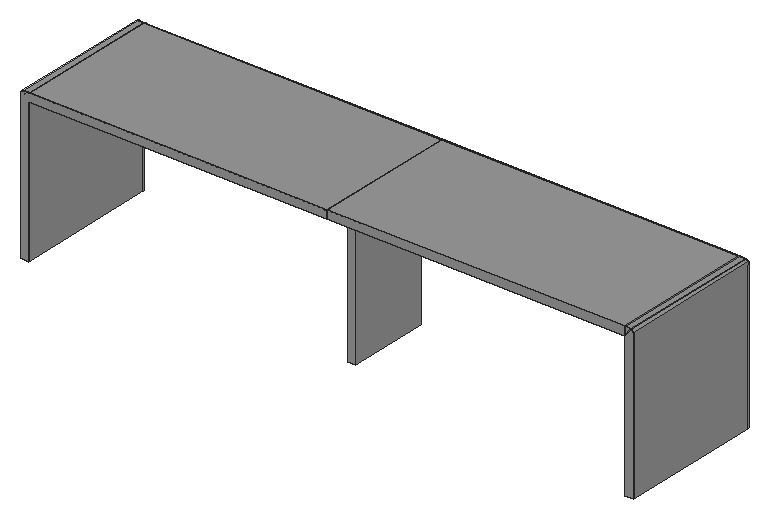
Revit family "Flag Range", category Furniture, Revit 2018
Family settings
  OmniClass Number = 23.40.20.00
  OmniClass Title = General Furniture and Specialties
  Work Plane-Based = No
  Always vertical = Yes
  Cut with Voids When Loaded = No
  Shared = No
  Room Calculation Point = No
Parameters (values of type "Dining Table (3000X700X740)")
  Surface Material = Laminate (Sapphire Blue)
  Furniture Type = Flag Range Family : DiningTable 3000X700X740
  Frame Material [instance] = Laminate (White)
  Edge Material = Oak Veneered
Types (20, lengths in mm): name | Furniture Type
  (no name) | Flag Range Family : DiningTable 3000X700X740
  Dining Table (1500X700X740) | Flag Range Family : DiningTable 1500X700X740
  Dining Table (1800X700X740) | Flag Range Family : DiningTable 1800X700X740
  Dining Table (2000X700X740) | Flag Range Family : DiningTable 2000X700X740
  Dining Table (2400X700X740) | Flag Range Family : DiningTable 2400X700X740
  Dining Table (2700X700X740) | Flag Range Family : DiningTable 2700X700X740
  Dining Table (3000X700X740) | Flag Range Family : DiningTable 3000X700X740
  Dining Bench (1300X390X440X440) | Flag Range Family : DiningBench 1300X390X440
  Dining Bench (1600X390X440X440) | Flag Range Family : DiningBench 1600X390X440
  Dining Bench (1800X390X440X440) | Flag Range Family : DiningBench 1800X390X440
  Dining Bench (2200X390X440X440) | Flag Range Family : DiningBench 2200X390X440
  Dining Bench (2500X390X440X440) | Flag Range Family : DiningBench 2500X390X440
  Dining Bench (2800X390X440X440) | Flag Range Family : DiningBench 2800X390X440
  Bar Table (1500X700X1500) | Flag Range Family : BarTable 1500X700X1500
  Bar Table (1800X700X1500) | Flag Range Family : BarTable 1800X700X1500
  Bar Table (2000X700X1500) | Flag Range Family : BarTable 2000X700X1500
  Bar Table (2400X700X1500) | Flag Range Family : BarTable 2400X700X1500
  Bar Table (2700X700X1500) | Flag Range Family : BarTable 2700X700X1500
  Bar Table (3000X700X1500) | Flag Range Family : BarTable 3000X700X1500
  Bar Bench (950X390X780X780) | Flag Range Family : BarBench 950X390X780
Reference planes
  plane 1 "Center (Front/Back)": y = 0
  plane 2: z = 0
  plane 3 "Center (Left/Right)": x = 0
Dimensions and locks
  aligned and locked: level to plane 2
Nested families
  nested 1: "Flag Range Family" at (0, 0, 0), type <- "Furniture Type", Edge Material <- "Edge Material", Frame Material <- "Frame Material", Surface Material <- "Surface Material", type "DiningTable 3000X700X740"
    with Surface Material Laminate (Sapphire Blue), Frame Material Laminate (White), Edge Material Oak Veneered
Definition of nested family "Flag Range Family"
  Parameters (values of type "DiningTable 3000X700X740")
    Surface Material [instance] = none
    Frame Material [instance] = none
    Edge Material [instance] = none
    CentreBrace = yes
    BraceHeight = 700 mm
    BaseType = Base : DiningTable 3000X700X740
  Types (20, lengths in mm): name | CentreBrace | BraceHeight | BaseType
    (no name) | yes | 700 | Base : DiningTable 3000X700X740
    DiningTable 1500X700X740 | no | 1460 | Base : DiningTable 1500X700X740
    DiningTable 1800X700X740 | no | 1460 | Base : DiningTable 1800X700X740
    DiningTable 2000X700X740 | no | 1460 | Base : DiningTable 2000X700X740
    DiningTable 2400X700X740 | no | 1460 | Base : DiningTable 2400X700X740
    DiningTable 2700X700X740 | no | 1460 | Base : DiningTable 2700X700X740
    DiningTable 3000X700X740 | yes | 700 | Base : DiningTable 3000X700X740
    DiningBench 1300X390X440 | no | 1460 | Base : DiningBench 1300X390X440
    DiningBench 1600X390X440 | no | 1460 | Base : DiningBench 1600X390X440
    DiningBench 1800X390X440 | no | 1460 | Base : DiningBench 1800X390X440
    DiningBench 2200X390X440 | no | 1460 | Base : DiningBench 2200X390X440
    DiningBench 2500X390X440 | no | 1460 | Base : DiningBench 2500X390X440
    DiningBench 2800X390X440 | no | 1460 | Base : DiningBench 2800X390X440
    BarTable 1500X700X1500 | no | 1460 | Base : BarTable 1500X700X1500
    BarTable 1800X700X1500 | no | 1460 | Base : BarTable 1800X700X1500
    BarTable 2000X700X1500 | no | 1460 | Base : BarTable 2000X700X1500
    BarTable 2400X700X1500 | no | 1460 | Base : BarTable 2400X700X1500
    BarTable 2700X700X1500 | no | 1460 | Base : BarTable 2700X700X1500
    BarTable 3000X700X1500 | yes | 1460 | Base : BarTable 3000X700X1500
    BarBench 950X390X780 | no | 1460 | Base : BarBench 950X390X780
  Reference planes
    plane 1 "Center (Front/Back)": y = 0
    plane 2: z = 0
    plane 3 "Center (Left/Right)": x = 0
  Forms (mm)
    Extrusion 1, solid, visible <- "CentreBrace"
      sketch origin (0, 0, 0) x (1, 0, 0) y (0, 1, 0)
        loop
          line (-20.162, -200) -> (20.162, -200) -> (20.162, 200) -> (-20.162, 200) -> (-20.162, -200)
      from 0 to 700 <- "BraceHeight"
  Dimensions and locks
    aligned and locked: level to plane 2
  Nested families
    nested 1: "Base" at (0, 0, 0), type <- "BaseType", FrameMaterial <- "Frame Material", EdgeMaterial <- "Edge Material", SurfaceMaterial <- "Surface Material", type "DiningTable 3000X700X740"
      with SurfaceMaterial none, JoinMaterial none, FrameMaterial none, EdgeMaterial none
    nested 2: "Base" at (0, 0, 0) x (-1, 0, 0) z (0, 0, 1), type <- "BaseType", FrameMaterial <- "Frame Material", EdgeMaterial <- "Edge Material", SurfaceMaterial <- "Surface Material", type "DiningTable 3000X700X740"
      with SurfaceMaterial none, JoinMaterial none, FrameMaterial none, EdgeMaterial none
  Definition of nested family "Base"
    Parameters (values of type "DiningBench 1800X390X440")
      Width = 440 mm
      SurfaceMaterial [instance] = none
      LengthValue [instance] = 950 mm
      Length = 900 mm
      JoinMaterial [instance] = none
      Height = 440 mm
      FrameMaterial [instance] = none
      EdgeMaterial [instance] = none
      BraceStartHeight = Height - 140 mm  # 300 mm
    Types (19, lengths in mm): name | Width | Length | Height | BraceStartHeight
      DiningTable 1500X700X740 | 700 | 750 | 740 | 600
      DiningTable 1800X700X740 | 700 | 900 | 740 | 600
      DiningTable 2000X700X740 | 700 | 1000 | 740 | 600
      DiningTable 2400X700X740 | 700 | 1200 | 740 | 600
      DiningTable 2700X700X740 | 700 | 1350 | 740 | 600
      DiningTable 3000X700X740 | 700 | 1500 | 740 | 600
      DiningBench 1300X390X440 | 440 | 650 | 440 | 300
      DiningBench 1600X390X440 | 440 | 800 | 440 | 300
      DiningBench 1800X390X440 | 440 | 900 | 440 | 300
      DiningBench 2200X390X440 | 440 | 1100 | 440 | 300
      DiningBench 2500X390X440 | 440 | 1250 | 440 | 300
      DiningBench 2800X390X440 | 440 | 1400 | 440 | 300
      BarTable 1500X700X1500 | 700 | 750 | 1500 | 1360
      BarTable 1800X700X1500 | 700 | 900 | 1500 | 1360
      BarTable 2000X700X1500 | 700 | 1000 | 1500 | 1360
      BarTable 2400X700X1500 | 700 | 1200 | 1500 | 1360
      BarTable 2700X700X1500 | 700 | 1350 | 1500 | 1360
      BarTable 3000X700X1500 | 700 | 1500 | 1500 | 1360
      BarBench 950X390X780 | 390 | 475 | 780 | 640
    Reference planes
      plane 1 "Center (Front/Back)": y = 0
      plane 2: z = 0
      plane 3 "Center (Left/Right)": x = 0
      plane 4: x = -887.928
      plane 5: x = 322.503
      plane 6: y = 220
      plane 7: y = -220
      plane 8: z = 440
      plane 9: z = 400
      plane 10: x = -856.677
      plane 11: x = 291.251
      plane 12: x = -900
      plane 13: x = -859.677
      plane 14: z = 397
    Forms (mm)
      Extrusion 1, solid, material <- "FrameMaterial"
        sketch origin (0, 0, 0) x (1, 0, 0) y (0, 0, 1)
          loop
            line (-887.928, 440) -> (-856.677, 400) -> (-856.677, 440) -> (-887.928, 440)
        from -220 to 220
      Extrusion 2, solid, material <- "FrameMaterial"
        sketch origin (0, 0, 0) x (1, 0, 0) y (0, 0, 1)
          loop
            line (0, 440) -> (-856.677, 440) -> (-856.677, 400) -> (0, 400) -> (0, 440)
        from -220 to 220
      Extrusion 3, solid, material <- "JoinMaterial"
        sketch origin (0, 0, 0) x (1, 0, 0) y (0, 0, 1)
          loop
            line (-856.677, 400) -> (-887.928, 440) -> (-900, 427.928) -> (-859.677, 397) -> (-859.677, 400) -> (-856.677, 400)
        from -220 to 220
      Extrusion 4, solid, material <- "FrameMaterial"
        sketch origin (0, 0, 0) x (1, 0, 0) y (0, 0, 1)
          loop
            line (-859.677, 397) -> (-900, 427.928) -> (-900, 0) -> (-859.677, 0) -> (-859.677, 397)
        from -220 to 220
      Extrusion 5, solid, material <- "EdgeMaterial"
        sketch origin (0, -220, 0) x (1, 0, 0) y (0, 0, 1)
          loop
            line (0, 400) -> (0, 440) -> (-856.677, 440) -> (-887.928, 440) -> (-900, 427.928) -> (-900, 0) -> (-859.677, 0) -> (-859.677, 397) -> (-859.677, 400) -> (-856.677, 400) -> (0, 400)
        from 0 to 1
      Extrusion 6, solid, material <- "EdgeMaterial"
        sketch origin (0, 220, 0) x (-1, 0, 0) y (0, 0, 1)
          loop
            line (0, 440) -> (0, 400) -> (856.677, 400) -> (859.677, 400) -> (859.677, 397) -> (859.677, 0) -> (900, 0) -> (900, 427.928) -> (887.928, 440) -> (856.677, 440) -> (0, 440)
        from 0 to 1
      Extrusion 7, solid, material <- "FrameMaterial"
        sketch origin (0, 0, 0) x (1, 0, 0) y (0, 1, 0)
          loop
            line (0, -20) -> (0, 20) -> (-887.928, 20) -> (-887.928, -20) -> (0, -20)
        from 300 <- "BraceStartHeight" to 400
      Extrusion 8, solid, material <- "EdgeMaterial"
        sketch origin (0, 0, 300) x (0, 1, 0) y (1, 0, 0)
          loop
            line (-20, 0) -> (-20, -887.928) -> (20, -887.928) -> (20, 0) -> (-20, 0)
        from 0 to 1
    Lines and regions (mm)
      reference lines
        curve 1: line (-900, 0, 0) -> (-900, 0, 2180)
    Dimensions and locks
      locked: plane 13 to plane 10 at 3
      locked: plane 4 to plane 13 at 28.251
      locked: plane 12 to plane 4 at 12.072
      plane 12 to plane 10 = 43.323 mm
      "Length": plane 3 "Center (Left/Right)" to plane 12
      locked: plane 9 to plane 14 at 3
      locked: plane 8 to plane 9 at 40
      "Height": plane 8 to level
      equal spacing: plane 7, plane 1 "Center (Front/Back)", plane 6
      "Width": plane 7 to plane 6
      aligned and locked: level to plane 2
      aligned and locked: plane 6 to Extrusion 1
      aligned and locked: Extrusion 1 to plane 7
      aligned and locked: plane 6 to Extrusion 3
      aligned and locked: Extrusion 3 to plane 7
      aligned and locked: plane 6 to Extrusion 4
      aligned and locked: Extrusion 4 to plane 7
      aligned and locked: Extrusion 2 to plane 7
      aligned and locked: plane 6 to Extrusion 2
      aligned and locked: Extrusion 5 sketch curve to Extrusion 2  (x3)
      aligned and locked: Extrusion 5 sketch curve to Extrusion 4  (x3)
      aligned and locked: Extrusion 5 sketch curve to Extrusion 3  (x3)
      aligned and locked: Extrusion 5 sketch curve to Extrusion 1
      aligned and locked: Extrusion 6 sketch curve to Extrusion 2  (x3)
      aligned and locked: Extrusion 6 sketch curve to Extrusion 3  (x3)
      aligned and locked: Extrusion 6 sketch curve to Extrusion 1
      aligned and locked: Extrusion 6 sketch curve to Extrusion 4  (x3)
      aligned and locked: Extrusion 2 to Extrusion 7 sketch curve
      aligned and locked: Extrusion 7 sketch curve to plane 4
      aligned and locked: plane 9 to Extrusion 7
      aligned and locked: Extrusion 8 sketch curve to Extrusion 7  (x4)
    Automatic sketch dimensions
      plane 4 to Extrusion 1 sketch curve = 0 mm
      Extrusion 1 sketch curve to plane 9 = 0 mm
      plane 10 to Extrusion 1 sketch curve = 0 mm
      Extrusion 1 sketch curve to plane 8 = 0 mm
      Extrusion 2 sketch curve to plane 8 = 0 mm
      plane 10 to Extrusion 2 sketch curve = 0 mm
      Extrusion 2 sketch curve to plane 3 "Center (Left/Right)" = 0 mm
      Extrusion 2 sketch curve to plane 9 = 0 mm
      plane 12 to Extrusion 3 sketch curve = 0 mm
      plane 4 to Extrusion 3 sketch curve = 0 mm
      Extrusion 3 sketch curve to plane 9 = 0 mm
      plane 13 to Extrusion 3 sketch curve = 0 mm
      plane 10 to Extrusion 3 sketch curve = 0 mm
      Extrusion 3 sketch curve to plane 14 = 0 mm
      Extrusion 3 sketch curve to plane 8 = 0 mm
      plane 8 to Extrusion 3 sketch curve = 12.072 mm
      plane 12 to Extrusion 4 sketch curve = 0 mm
      Extrusion 4 sketch curve to level = 0 mm
      plane 13 to Extrusion 4 sketch curve = 0 mm
      Extrusion 4 sketch curve to plane 14 = 0 mm
      plane 8 to Extrusion 4 sketch curve = 12.072 mm
      curve 1 to level = 0 mm
      curve 1 to plane 8 = 1740 mm
      curve 1 to plane 12 = 0 mm
      Extrusion 5 sketch curve to Extrusion 2 = 0 mm
      Extrusion 2 to Extrusion 5 sketch curve = 0 mm
      Extrusion 2 to Extrusion 5 sketch curve = 3 mm
      Extrusion 2 to Extrusion 6 sketch curve = 0 mm
      Extrusion 6 sketch curve to Extrusion 2 = 0 mm
      Extrusion 6 sketch curve to Extrusion 6 sketch curve = 3 mm
      plane 1 "Center (Front/Back)" to Extrusion 7 sketch curve = 20 mm
      Extrusion 7 sketch curve to plane 1 "Center (Front/Back)" = 20 mm
